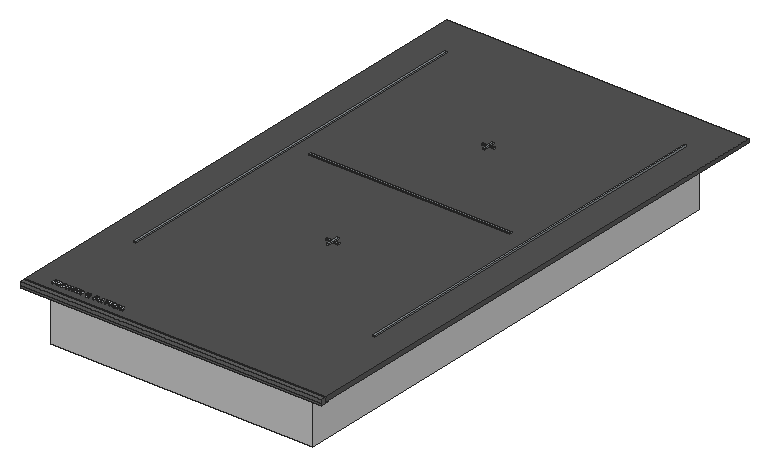
Revit family "FP_Revit_18_CI302DTB4_Cooktop_90000841B", category Specialty Equipment, Revit 2018
Family settings
  Round Connector Dimension = Use Diameter
  Part Type = Normal
  OmniClass Number = 23.40.40.14.17.11
  OmniClass Title = Cookers, Ovens, Stoves
  Work Plane-Based = No
  Always vertical = Yes
  Cut with Voids When Loaded = Yes
  Shared = No
  Room Calculation Point = No
Parameters
  Visibility - Clearance Required = yes
  URL = "www.fisherpaykel.com"
  Product - Width = 299 mm  # constant formula
  Product - Height = 54 mm  # constant formula
  Product - Depth = 530 mm  # constant formula
  Model = "CI302DTB4"
  Material - Trim = Fisher & Paykel - Aluminium, Dark
  Material - Graphics = Fisher & Paykel - Graphics Grey
  Material - Cooktop = Fisher & Paykel - Glass, Black
  Material - Body = Fisher & Paykel - Grey
  Manufacturer = "Fisher & Paykel Appliances"
  FFL Offset [instance] = 900 mm
  Description = "30cm Induction Cooktop"
  Connector Note - Electrical = "220-240 V, 16 A, 50 Hz,"
  Clearance - Side of cooktop to nearest Combustible Surface = 13 mm  # constant formula
  Clearance - Rear of cooktop to nearest Combustible Surface = 8 mm  # constant formula
  Clearance - Overhead Rangehood = 650 mm  # constant formula
  Clearance - Below = 65 mm  # constant formula
  Chassis - Width = 260 mm  # constant formula
  Chassis - Height = 49 mm  # constant formula
  Chassis - Depth = 480 mm  # constant formula
  Cavity - Width = 265 mm  # constant formula
  Cavity - Height = 65 mm  # constant formula
  Cavity - Depth = 490 mm  # constant formula
Reference planes
  plane 1 "Datum": y = 0
  plane 2: z = 0
  plane 3 "Center (Left/Right)": x = 0
  plane 4 "Product LHS": x = -149.5
  plane 5 "Product RHS": x = 149.5
  plane 6 "Product - Depth": y = 530
  plane 7 "Cavity LHS": x = -132.5
  plane 8 "Cavity RHS": x = 132.5
  plane 9 "Cavity - Depth": y = 498.7
  plane 10 "Chassis Front": y = 13.2
  plane 11 "Chassis - Depth": y = 493.2
  plane 12 "Basepan": z = 851
  plane 13 "Benchtop": z = 900
  plane 14 "Glass": z = 905
  plane 15 "Cavity - Front": y = 8.7
Forms (mm)
  Extrusion 1, solid, material "Fisher & Paykel - Glass, Black" <- "Material - Cooktop"
    sketch origin (0, 0, 0) x (0, 1, 0) y (0, 0, 1)
      loop
        line (5.299, 905) -> (5.299, 901) -> (530, 901) -> (530, 905) -> (5.299, 905)
    from -149.5 to 149.5
  Extrusion 2, solid, material "Fisher & Paykel - Aluminium, Dark" <- "Material - Trim", detail levels fine
    sketch origin (0, 0, 0) x (0, 1, 0) y (0, 0, 1)
      loop
        line (5.299, 905) -> (0.45, 905) -> (0, 901.5) -> (0, 900) -> (8.39, 900) -> (8.39, 901) -> (5.299, 901) -> (5.299, 905)
    from -149.5 to 149.5
  Extrusion 3, solid, material "Fisher & Paykel - Clearance Required (Cutout)", visible <- "Visibility - Clearance Required", detail levels coarse
    sketch origin (0, 24.768, 0) x (1, 0, 0) y (0, 1, 0)
      loop
        line (-132.5, 473.932) -> (-132.5, -16.068) -> (132.5, -16.068) -> (132.5, 473.932) -> (-132.5, 473.932)
    from 835 to 900
  Extrusion 4, solid, material "Fisher & Paykel - Aluminium, Dark" <- "Material - Trim", detail levels coarse+medium
    sketch origin (0, 0, 0) x (0, 1, 0) y (0, 0, 1)
      loop
        line (5.299, 905) -> (0, 905) -> (0, 900) -> (5.299, 900) -> (5.299, 905)
    from -149.5 to 149.5
  Extrusion 5, solid, material "Fisher & Paykel - Clearance Required (Combustible)", visible <- "Visibility - Clearance Required", detail levels coarse
    sketch origin (0, 1.5, 0) x (1, 0, 0) y (0, 1, 0)
      loop
        line (-162.5, -1.5) -> (-149.5, -1.5) -> (-149.5, 528.5) -> (149.5, 528.5) -> (149.5, -1.5) -> (162.5, -1.5) -> (162.5, 536.5) -> (-162.5, 536.5) -> (-162.5, -1.5)
    from 905 to 1555
  Extrusion 6, solid, material "Fisher & Paykel - Grey" <- "Material - Body"
    sketch origin (0, 0, 0) x (0, 1, 0) y (0, 0, 1)
      loop
        line (493.2, 851) -> (493.2, 900) -> (13.2, 900) -> (13.2, 851) -> (493.2, 851)
    from -130 to 130
  Extrusion 7, solid, material "Fisher & Paykel - Grey" <- "Material - Body"
    sketch origin (-151, 0, 0) x (1, 0, 0) y (0, 1, 0)
      loop
        line (15.5, 520.2) -> (15.5, 8.39) -> (286.5, 8.39) -> (286.5, 520.2) -> (15.5, 520.2)
    from 900 to 901
  Extrusion 8, solid, material "Fisher & Paykel - Graphics Grey" <- "Material - Graphics", detail levels fine
    sketch origin (0, 0, 0) x (1, 0, 0) y (0, 1, 0)
      loop
        line (-119.982, 489.688) -> (-119.982, 103.77) -> (-117.782, 103.77) -> (-117.782, 489.688) -> (-119.982, 489.688)
      loop
        line (117.568, 103.77) -> (119.768, 103.77) -> (119.768, 489.908) -> (117.568, 489.908) -> (117.568, 103.77)
      loop
        line (-100, 298.273) -> (-100, 296.073) -> (100, 296.073) -> (100, 298.273) -> (-100, 298.273)
      loop
        line (1.001, 400.223) -> (-0.967, 400.223) -> (-0.967, 395.057) -> (-6.133, 395.057) -> (-6.133, 393.089) -> (-0.967, 393.089) -> (-0.967, 387.923) -> (1.001, 387.923) -> (1.001, 393.089) -> (6.167, 393.089) -> (6.167, 395.057) -> (1.001, 395.057) -> (1.001, 400.223)
      loop
        line (1.001, 207.02) -> (-0.967, 207.02) -> (-0.967, 201.854) -> (-6.133, 201.854) -> (-6.133, 199.886) -> (-0.967, 199.886) -> (-0.967, 194.72) -> (1.001, 194.72) -> (1.001, 199.886) -> (6.167, 199.886) -> (6.167, 201.854) -> (1.001, 201.854) -> (1.001, 207.02)
    from 905 to 906
  Extrusion 9, solid, material "Fisher & Paykel - Grey" <- "Material - Body", detail levels fine
    sketch origin (0, 0, 0) x (1, 0, 0) y (0, 1, 0)
      loop
        circle (0, 473.2) r 5
    from 845 to 851
  Extrusion 10, void
    sketch origin (0, 24.768, 0) x (1, 0, 0) y (0, 1, 0)
      loop
        line (-132.5, 473.932) -> (-132.5, -16.068) -> (132.5, -16.068) -> (132.5, 473.932) -> (-132.5, 473.932)
    from 835 to 900
  Extrusion 11, solid, material "Fisher & Paykel - Clearance Required (Rangehood)", visible <- "Visibility - Clearance Required", detail levels coarse
    sketch origin (0, 0, 0) x (1, 0, 0) y (0, 1, 0)
      loop
        line (-149.5, 0) -> (149.5, 0) -> (149.5, 530) -> (-149.5, 530) -> (-149.5, 0)
    from 905 to 1555
Text (mm)
  text "Due to ongoing product development, product details are subject to change without notice. \nPlease always refer to www.fisherpaykel.com for the most current product information. \n© Fisher & Paykel 2020" at (41.04, -102.478, 0), in view "Ref. Level (Plan)"
Dimensions and locks
  equal spacing: plane 4 "Product LHS", plane 3 "Center (Left/Right)", plane 5 "Product RHS"
  "Product - Width": plane 4 "Product LHS" to plane 5 "Product RHS"
  equal spacing: plane 7 "Cavity LHS", plane 3 "Center (Left/Right)", plane 8 "Cavity RHS"
  "Cavity - Width": plane 7 "Cavity LHS" to plane 8 "Cavity RHS"
  "Product - Depth": Extrusion 1 to plane 1 "Datum"
  equal spacing: Extrusion 6, plane 3 "Center (Left/Right)", Extrusion 6
  "Chassis - Width": Extrusion 6 to Extrusion 6
  equal spacing: Extrusion 7, plane 3 "Center (Left/Right)", Extrusion 7
  locked: plane 1 "Datum" to plane 10 "Chassis Front" at 13.2
  "Chassis - Depth": plane 11 "Chassis - Depth" to plane 10 "Chassis Front"
  "FFL Offset": plane 13 "Benchtop" to level
  locked: plane 14 "Glass" to plane 13 "Benchtop" at 5
  "Chassis - Height": plane 13 "Benchtop" to plane 12 "Basepan"
  locked: Extrusion 8 to plane 14 "Glass" at 1
  "Chassis - Height": Extrusion 6 to plane 13 "Benchtop"
  "Clearance - Below": Extrusion 3 to plane 13 "Benchtop"
  locked: nested 1 to plane 14 "Glass" at 0.8
  "Clearance - Overhead Rangehood": Extrusion 5 to plane 14 "Glass"
  locked: Extrusion 1 to plane 13 "Benchtop" at 1
  locked: Extrusion 9 to plane 13 "Benchtop" at 55
  locked: plane 1 "Datum" to plane 15 "Cavity - Front" at 8.7
  "Cavity - Depth": plane 15 "Cavity - Front" to plane 9 "Cavity - Depth"
  "Clearance - Rear of cooktop to nearest Combustible Surface": Extrusion 5 to plane 6 "Product - Depth"
  "Clearance - Side of cooktop to nearest Combustible Surface": Extrusion 5 to plane 4 "Product LHS"
  "Clearance - Side of cooktop to nearest Combustible Surface": plane 5 "Product RHS" to Extrusion 5
  aligned and locked: level to plane 2
  aligned and locked: Extrusion 2 to plane 5 "Product RHS"
  aligned and locked: plane 4 "Product LHS" to Extrusion 4
  aligned and locked: Extrusion 4 to plane 5 "Product RHS"
  aligned and locked: plane 9 "Cavity - Depth" to Extrusion 3
  aligned and locked: plane 4 "Product LHS" to Extrusion 2
  aligned and locked: plane 11 "Chassis - Depth" to Extrusion 6
  aligned and locked: Extrusion 6 to Extrusion 7
  aligned and locked: Extrusion 9 to Extrusion 6
  aligned and locked: plane 14 "Glass" to Extrusion 1
  aligned and locked: Extrusion 5 to Extrusion 1
  aligned and locked: Extrusion 8 to Extrusion 1
  aligned and locked: Extrusion 7 to plane 13 "Benchtop"
  aligned and locked: Extrusion 7 to Extrusion 1
  aligned and locked: Extrusion 3 to Extrusion 6
  aligned and locked: plane 14 "Glass" to Extrusion 2 sketch curve
  aligned and locked: Extrusion 2 sketch curve to Extrusion 1
  aligned and locked: Extrusion 2 sketch curve to plane 13 "Benchtop"
  aligned and locked: Extrusion 1 to Extrusion 4
  aligned and locked: Extrusion 4 to Extrusion 2
  aligned and locked: Extrusion 3 to Extrusion 10
  aligned and locked: Extrusion 10 to Extrusion 3
  aligned and locked: plane 15 "Cavity - Front" to Extrusion 10
  aligned and locked: plane 15 "Cavity - Front" to Extrusion 3
  aligned and locked: plane 1 "Datum" to Extrusion 5 sketch curve
  aligned and locked: Extrusion 5 to Extrusion 11
  aligned and locked: Extrusion 11 to plane 14 "Glass"
Automatic sketch dimensions
  Extrusion 1 sketch curve to plane 14 "Glass" = 0 mm
  Extrusion 1 sketch curve to plane 6 "Product - Depth" = 0 mm
  plane 13 "Benchtop" to Extrusion 1 sketch curve = 1 mm
  Extrusion 2 sketch curve to plane 1 "Datum" = 0 mm
  Extrusion 2 sketch curve to plane 1 "Datum" = 0.45 mm
  plane 13 "Benchtop" to Extrusion 2 sketch curve = 1.5 mm
  plane 9 "Cavity - Depth" to Extrusion 3 sketch curve = 0 mm
  plane 7 "Cavity LHS" to Extrusion 3 sketch curve = 0 mm
  Extrusion 3 sketch curve to plane 8 "Cavity RHS" = 0 mm
  Extrusion 4 sketch curve to plane 1 "Datum" = 0 mm
  Extrusion 4 sketch curve to plane 13 "Benchtop" = 0 mm
  Extrusion 4 sketch curve to plane 14 "Glass" = 0 mm
  Extrusion 6 sketch curve to plane 10 "Chassis Front" = 0 mm
  Extrusion 6 sketch curve to plane 11 "Chassis - Depth" = 0 mm
  Extrusion 6 sketch curve to plane 12 "Basepan" = 0 mm
  Extrusion 6 sketch curve to plane 13 "Benchtop" = 0 mm
  plane 7 "Cavity LHS" to Extrusion 7 sketch curve = 3 mm
  Extrusion 7 sketch curve to plane 8 "Cavity RHS" = 3 mm
  Extrusion 7 sketch curve to plane 6 "Product - Depth" = 9.8 mm
  Extrusion 8 sketch curve to plane 7 "Cavity LHS" = 12.518 mm
  Extrusion 8 sketch curve to Extrusion 8 sketch curve = 2.2 mm  (x3)
  Extrusion 8 sketch curve to plane 7 "Cavity LHS" = 32.5 mm
  Extrusion 8 sketch curve to plane 3 "Center (Left/Right)" = 6.133 mm  (x2)
  Extrusion 8 sketch curve to plane 3 "Center (Left/Right)" = 0.967 mm  (x4)
  plane 3 "Center (Left/Right)" to Extrusion 8 sketch curve = 1.001 mm  (x4)
  Extrusion 8 sketch curve to Extrusion 8 sketch curve = 5.166 mm  (x6)
  plane 8 "Cavity RHS" to Extrusion 8 sketch curve = 32.5 mm
  Extrusion 8 sketch curve to plane 11 "Chassis - Depth" = 3.292 mm
  plane 8 "Cavity RHS" to Extrusion 8 sketch curve = 14.932 mm
  Extrusion 8 sketch curve to plane 11 "Chassis - Depth" = 3.512 mm
  Extrusion 8 sketch curve to plane 11 "Chassis - Depth" = 92.977 mm
  Extrusion 8 sketch curve to Extrusion 8 sketch curve = 0 mm  (x2)
  Extrusion 8 sketch curve to Extrusion 8 sketch curve = 1.968 mm  (x4)
  Extrusion 8 sketch curve to Extrusion 8 sketch curve = 94.816 mm
  Extrusion 8 sketch curve to Extrusion 8 sketch curve = 89.053 mm
  plane 10 "Chassis Front" to Extrusion 8 sketch curve = 90.57 mm  (x2)
  Extrusion 9 sketch curve to plane 3 "Center (Left/Right)" = 0 mm
  Extrusion 9 sketch curve to plane 11 "Chassis - Depth" = 20 mm
  plane 9 "Cavity - Depth" to Extrusion 10 sketch curve = 0 mm
  plane 7 "Cavity LHS" to Extrusion 10 sketch curve = 0 mm
  Extrusion 10 sketch curve to plane 8 "Cavity RHS" = 0 mm
  Extrusion 1 sketch curve to plane 1 "Datum" = 5.299 mm
  Extrusion 2 sketch curve to Extrusion 2 sketch curve = 4.85 mm
  Extrusion 2 sketch curve to Extrusion 2 sketch curve = 3.09 mm
  Extrusion 3 sketch curve to plane 10 "Chassis Front" = 4.5 mm
  Extrusion 4 sketch curve to plane 1 "Datum" = 5.299 mm
  Extrusion 7 sketch curve to plane 10 "Chassis Front" = 4.811 mm
  Extrusion 10 sketch curve to plane 10 "Chassis Front" = 4.5 mm
  Extrusion 5 sketch curve to plane 4 "Product LHS" = 0 mm
  Extrusion 5 sketch curve to plane 5 "Product RHS" = 0 mm
  Extrusion 5 sketch curve to plane 6 "Product - Depth" = 0 mm
  plane 4 "Product LHS" to Extrusion 5 sketch curve = 13 mm
  Extrusion 5 sketch curve to plane 5 "Product RHS" = 13 mm
  plane 6 "Product - Depth" to Extrusion 5 sketch curve = 8 mm
  plane 1 "Datum" to Extrusion 5 sketch curve = 0 mm
  Extrusion 11 sketch curve to plane 4 "Product LHS" = 0 mm
  Extrusion 11 sketch curve to plane 5 "Product RHS" = 0 mm
  plane 1 "Datum" to Extrusion 11 sketch curve = 0 mm
  Extrusion 11 sketch curve to plane 6 "Product - Depth" = 0 mm
  radius of Extrusion 9 sketch curve = 5 mm
Nested families
  nested 1: "F&P Logo 70mm Horizontal" at (-94.001, 14.253, 905), type "F&P Logo 70mm Horizontal"
Connectors
  electrical at (0, 473.2, 845), driven by "Connector Note - Electrical"
    settings: on Extrusion 9, index 1, voltage 230 V, apparent load 0 VA, apparent load phase1 0 VA, apparent load phase2 0 VA, apparent load phase3 0 VA, power factor 1, load classification "Other", number of poles 1, system type 30, power factor state 1, is connector primary yes, connector utility no, sub classification motor no, connector description "220-240 V, 16 A, 50 Hz,"
Definition of nested family "F&P Logo 70mm Horizontal"
  Parameters (values of type "F&P Logo 70mm Horizontal")
    URL = "www.fisherpaykel.com"
    Material - Logo = none
    Manufacturer = "Fisher & Paykel Appliances"
  Reference planes
    plane 1 "Center (Front/Back)": y = 0
    plane 2: z = 0
    plane 3 "Center (Left/Right)": x = 0
  Forms (mm)
    Extrusion 1, solid, material <- "Material - Logo", detail levels fine
      sketch origin (0, 0, 0) x (1, 0, 0) y (0, 1, 0)
        loop
          line (-34.997, -0.356) -> (-33.895, -0.356) -> (-33.895, 1.141) -> (-32.174, 1.141) -> (-32.174, 2.075) -> (-33.895, 2.075) -> (-33.895, 2.943) -> (-32.023, 2.943) -> (-32.023, 3.872) -> (-34.997, 3.872) -> (-34.997, -0.356)
        loop
          line (-29.929, 3.872) -> (-29.929, -0.356) -> (-28.828, -0.356) -> (-28.828, 3.872) -> (-29.929, 3.872)
        loop
          line (-21.473, 3.872) -> (-21.473, -0.356) -> (-20.372, -0.356) -> (-20.372, 1.338) -> (-18.754, 1.338) -> (-18.754, -0.356) -> (-17.652, -0.356) -> (-17.652, 3.872) -> (-18.754, 3.872) -> (-18.754, 2.268) -> (-20.372, 2.268) -> (-20.372, 3.872) -> (-21.473, 3.872)
        loop
          line (-15.301, 3.872) -> (-15.301, -0.356) -> (-12.288, -0.356) -> (-12.288, 0.444) -> (-14.209, 0.444) -> (-14.209, 1.338) -> (-12.453, 1.338) -> (-12.453, 2.268) -> (-14.209, 2.268) -> (-14.209, 3.072) -> (-12.288, 3.072) -> (-12.288, 3.872) -> (-15.301, 3.872)
        loop
          line (32, 3.872) -> (32, -0.356) -> (35.003, -0.356) -> (35.003, 0.574) -> (33.102, 0.574) -> (33.102, 3.872) -> (32, 3.872)
        loop
          line (29.735, 3.872) -> (26.712, 3.872) -> (26.712, -0.356) -> (29.735, -0.356) -> (29.735, 0.444) -> (27.814, 0.444) -> (27.814, 1.338) -> (29.57, 1.338) -> (29.57, 2.268) -> (27.814, 2.268) -> (27.814, 3.072) -> (29.735, 3.072) -> (29.735, 3.872)
        loop
          line (23.449, 1.848) -> (25.012, 3.872) -> (23.724, 3.872) -> (22.374, 2.124) -> (22.374, 3.872) -> (21.273, 3.872) -> (21.273, -0.356) -> (22.374, -0.356) -> (22.374, 1.538) -> (23.765, -0.356) -> (25.067, -0.356) -> (23.449, 1.848)
        loop
          line (15.42, 3.872) -> (17.017, 1.338) -> (17.017, -0.356) -> (18.119, -0.356) -> (18.119, 1.283) -> (19.717, 3.872) -> (18.546, 3.872) -> (17.603, 2.239) -> (16.66, 3.872) -> (15.42, 3.872)
        loop
          line (12.969, 3.872) -> (11.922, 3.872) -> (10.2, -0.356) -> (11.282, -0.356) -> (11.585, 0.422) -> (13.278, 0.422) -> (13.581, -0.356) -> (14.69, -0.356) -> (12.969, 3.872)
        loop
          line (12.913, 1.352) -> (12.419, 2.566) -> (11.946, 1.352) -> (12.913, 1.352)
        loop
          line (5.556, 3.872) -> (5.556, -0.356) -> (6.653, -0.356) -> (6.653, 1.001) -> (7.453, 1.001)
          spline (7.453, 1.001) -> (7.884, 1.05) -> (8.285, 1.193) -> (8.63, 1.421) -> (8.895, 1.719) -> (9.061, 2.065) -> (9.118, 2.436) -> (9.061, 2.808) -> (8.895, 3.154) -> (8.63, 3.452) -> (8.285, 3.68) -> (7.884, 3.823) -> (7.453, 3.872)
          line (7.453, 3.872) -> (5.556, 3.872)
        loop
          spline (7.385, 1.882) -> (7.558, 1.9) -> (7.72, 1.953) -> (7.858, 2.037) -> (7.965, 2.147) -> (8.032, 2.275) -> (8.055, 2.412) -> (8.032, 2.55) -> (7.965, 2.677) -> (7.858, 2.787) -> (7.72, 2.872) -> (7.558, 2.924) -> (7.385, 2.943)
          line (7.385, 2.943) -> (6.585, 2.943) -> (6.585, 1.882) -> (7.385, 1.882)
        loop
          line (-8.294, 2.943) -> (-9.094, 2.943) -> (-9.094, 1.781) -> (-8.294, 1.781)
          spline (-8.294, 1.781) -> (-8.121, 1.801) -> (-7.96, 1.859) -> (-7.822, 1.951) -> (-7.716, 2.072) -> (-7.649, 2.212) -> (-7.626, 2.362) -> (-7.649, 2.512) -> (-7.716, 2.652) -> (-7.822, 2.772) -> (-7.96, 2.865) -> (-8.121, 2.923) -> (-8.294, 2.943)
        loop
          line (-8.214, 3.872) -> (-10.262, 3.872) -> (-10.262, -0.356) -> (-9.094, -0.356) -> (-9.094, 0.492) -> (-8.294, 0.492) -> (-7.647, -0.356) -> (-6.373, -0.356) -> (-7.445, 1.016)
          spline (-7.445, 1.016) -> (-7.148, 1.205) -> (-6.902, 1.45) -> (-6.72, 1.739) -> (-6.611, 2.058) -> (-6.58, 2.391) -> (-6.628, 2.723) -> (-6.754, 3.037) -> (-6.95, 3.317) -> (-7.208, 3.551) -> (-7.515, 3.726) -> (-7.856, 3.835) -> (-8.214, 3.872)
        loop
          line (0.368, 2.943) -> (0.368, 3.951) -> (-2.559, 3.951) -> (-2.559, 3.151) -> (-2.048, 2.522)
          spline (-2.048, 2.522) -> (-2.373, 2.187) -> (-2.606, 1.789) -> (-2.731, 1.355) -> (-2.74, 0.914) -> (-2.632, 0.497) -> (-2.414, 0.133) -> (-2.102, -0.155) -> (-1.716, -0.347) -> (-1.283, -0.429) -> (-0.832, -0.395) -> (-0.395, -0.249) -> (0, 0)
          line (0, 0) -> (0.504, -0.621) -> (1.644, -0.621) -> (0.602, 0.712) -> (1.591, 2.137) -> (0.459, 2.137) -> (0.003, 1.48) -> (-1.14, 2.943) -> (0.368, 2.943)
        loop
          spline (-1.353, 1.874) -> (-1.563, 1.673) -> (-1.729, 1.449) -> (-1.839, 1.217) -> (-1.886, 0.992) -> (-1.867, 0.792) -> (-1.783, 0.627) -> (-1.639, 0.511) -> (-1.447, 0.451) -> (-1.218, 0.451) -> (-0.968, 0.512) -> (-0.714, 0.628) -> (-0.475, 0.792)
          line (-0.475, 0.792) -> (-1.353, 1.874)
        loop
          arc (-25.449, 3.004) -> (-24.591, 2.949) -> (-23.808, 2.592) r 2.379
          line (-23.808, 2.592) -> (-23.808, 3.586)
          arc (-23.808, 3.586) -> (-24.619, 3.915) -> (-25.494, 3.936) r 2.437
          arc (-25.494, 3.936) -> (-26.617, 2.99) -> (-26.18, 1.588) r 1.327
          arc (-26.18, 1.588) -> (-25.746, 1.367) -> (-25.276, 1.236) r 2.46
          spline (-25.276, 1.236) -> (-25.124, 1.211) -> (-24.98, 1.158) -> (-24.856, 1.083) -> (-24.761, 0.989) -> (-24.703, 0.886) -> (-24.686, 0.78) -> (-24.713, 0.681) -> (-24.78, 0.596) -> (-24.882, 0.532) -> (-25.011, 0.494) -> (-25.158, 0.485) -> (-25.311, 0.505)
          arc (-25.311, 0.505) -> (-26.045, 0.647) -> (-26.714, 0.98) r 2.761
          line (-26.714, 0.98) -> (-26.714, -0.067)
          arc (-26.714, -0.067) -> (-25.66, -0.377) -> (-24.564, -0.318) r 3.237
          arc (-24.564, -0.318) -> (-23.597, 0.72) -> (-24.205, 2.002) r 1.263
          arc (-24.205, 2.002) -> (-24.834, 2.249) -> (-25.488, 2.42) r 5.78
          spline (-25.488, 2.42) -> (-25.537, 2.449) -> (-25.58, 2.49) -> (-25.615, 2.541) -> (-25.639, 2.6) -> (-25.653, 2.664) -> (-25.654, 2.73) -> (-25.644, 2.795) -> (-25.622, 2.856) -> (-25.59, 2.909) -> (-25.549, 2.953) -> (-25.502, 2.985) -> (-25.449, 3.004)
      from 0 to 0.8
  Dimensions and locks
    Extrusion 1 sketch curve to Extrusion 1 sketch curve = 70 mm
    aligned and locked: level to plane 2
